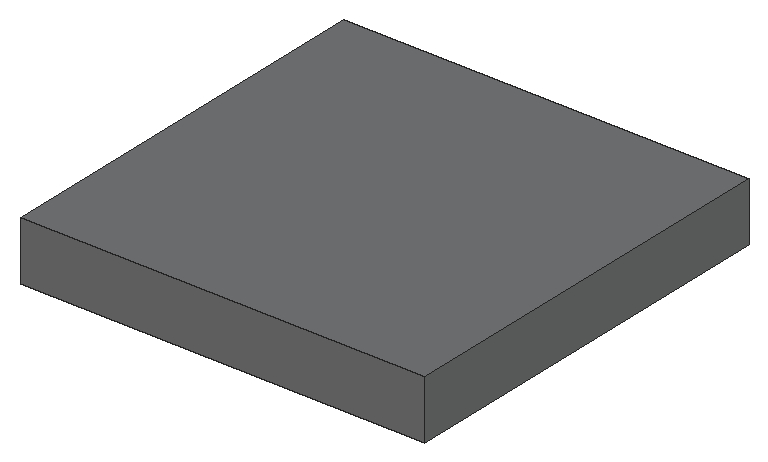
Revit family "Gira_028628", category Electrical Fixtures, host Face, Revit 2017
Family settings
  Host = Face
  Maintain Annotation Orientation = No
  Round Connector Dimension = Use Diameter
  Part Type = Normal
  Cut with Voids When Loaded = No
  Shared = No
  Room Calculation Point = No
Parameters (values of type "Wippe Symb. Klingel System 55 Anthrazit")
  Werkstoffgüte = "Thermoplast"
  Werkstoff = "Kunststoff"
  Verwendung = "Schalter/Taster"
  URL = "http://katalog.gira.de/de_DE/datenblatt.html?artikelnr=028628"
  Region = "DE"
  Oberfläche = "sonstige"
  Name = "Wippe Symb. Klingel System 55 Anthrazit"
  Mit austauschbarer Linse/Symbol = "No"
  Mit Beschriftungsfeld = "No"
  Manufacturer URL = "https://www.gira.de/"
  Kontrollfenster/Lichtauslass = "No"
  Keynote = "Sys55_Abdeckung_Schalten und Tasten"
  HeinzeBIM = "https://bimportal.heinze.de/bim/wippe-symb-klingel-system-55-anthrazit/52d6c54fcf1a724b9d80d3dc9380fa41e0d5163f"
  Halogenfrei = "Yes"
  HAN = "028628"
  Geeignet für Schutzart (IP) = "IP20"
  Geeignet für Bussystem-Tasterankopplung = "No"
  GTIN = "4010337286288"
  Farbe = "anthrazit"
  Default Elevation = 1219.2 mm
  Data sheet (1) = "https://katalog.gira.de/de_DE/download.html?artikelnr=028628"
  Category = "Abdeckung/Bedienelement für Installationsschalterprogramme"
  Befestigungsart = "Klemmbefestigung"
  Available = "Yes"
  Ausführung = "einteilige Wippe"
  Aufdruck/Kennzeichnung = "Symbol \"Klingel\""
  Anthrazit [instance] = Anthrazit
  Abtastbares Symbol/barrierefrei = "No"
Reference planes
  plane 1 "Center (Front/Back)": y = 0
  plane 2: z = 0
  plane 3 "Center (Left/Right)": x = 0
Forms (mm)
  Extrusion 1, solid, material "Anthrazit" <- "Anthrazit", detail levels fine
    sketch origin (0, 0, 0) x (1, 0, 0) y (0, 1, 0)
      loop
        line (-27.5, 27.5) -> (-27.5, -27.5) -> (27.5, -27.5) -> (27.5, 27.5) -> (-27.5, 27.5)
    from 0 to 8
  Extrusion 2, void
    sketch origin (0, 0, 0) x (1, 0, 0) y (0, 1, 0)
      loop
        line (26, 26) -> (-26, 26) -> (-26, -26) -> (26, -26) -> (26, 26)
    from 0 to 6
  Extrusion 3, solid, material "Anthrazit" <- "Anthrazit", detail levels medium
    sketch origin (0, 0, 0) x (1, 0, 0) y (0, 1, 0)
      loop
        line (-27.5, 27.5) -> (-27.5, -27.5) -> (27.5, -27.5) -> (27.5, 27.5) -> (-27.5, 27.5)
    from 0 to 8
  Extrusion 4, solid, material "Anthrazit" <- "Anthrazit", detail levels medium
    sketch origin (0, 0, 0) x (1, 0, 0) y (0, 1, 0)
      loop
        line (11, -17.5) -> (11, 17.5) -> (-11, 17.5) -> (-11, -17.5) -> (11, -17.5)
    from -6 to 6
  Extrusion 5, solid, material "Anthrazit" <- "Anthrazit", detail levels fine
    sketch origin (0, 0, 0) x (1, 0, 0) y (0, 1, 0)
      loop
        line (11, 17.5) -> (-11, 17.5) -> (-11, 16.5) -> (11, 16.5) -> (11, 17.5)
      loop
        line (-11, -16.5) -> (-11, -17.5) -> (11, -17.5) -> (11, -16.5) -> (-11, -16.5)
    from -4 to 6
  Extrusion 6, solid, material "Anthrazit" <- "Anthrazit", detail levels fine
    sketch origin (0, 0, 0) x (1, 0, 0) y (0, 1, 0)
      loop
        arc (5, 9.347) -> (0, 10.6) -> (-5, 9.347) r 10.6
        line (-5, 9.347) -> (-5, -9.347)
        arc (-5, -9.347) -> (0, -10.6) -> (5, -9.347) r 10.6
        line (5, -9.347) -> (5, 9.347)
    from -6 to 6
  Extrusion 7, solid, material "Anthrazit" <- "Anthrazit", detail levels coarse
    sketch origin (0, 0, 0) x (1, 0, 0) y (0, 1, 0)
      loop
        line (-27.5, 27.5) -> (-27.5, -27.5) -> (27.5, -27.5) -> (27.5, 27.5) -> (-27.5, 27.5)
    from -6 to 8
Cuts and joins
  Extrusion 2 cuts Extrusion 1
Dimensions and locks
  aligned and locked: plane 2 to host face
  aligned and locked: level to host face
